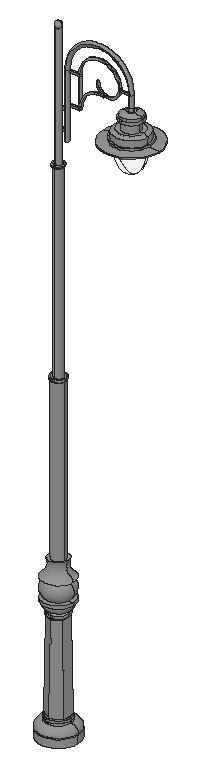
Revit family "svetilnik_alfresco_elegant-1-8_i_1-10", category Lighting Fixtures, Revit 2016 (continued)
Definition of nested family "Элегант"
  Parameters (values of type "Элегант 100Вт")
      5 146.415 115.74 91.56 67.38 48.315 29.25 \r\n22.065 14.895\r\n21.00 30.255 39.525 60.84 82.155 110.625 139.11 178.635 218.145 312.30 406.455 512.19 617.94 698.22 778.50 776.145 773.775 747.915 722.04 723.825 725.61 749.805 774.00 684.045 594.105 479.025 363.96 270.33 176.70 146.655 116.61 92.055 67.515 48.33 29.145 \r\n22.035 14.925\r\n21.15 30.39 39.63 61.065 82.50 111.165 139.845 181.95 224.04 311.175 398.31 519.60 640.905 721.035 801.165 821.565 841.965 876.42 910.875 895.545 880.215 835.395 790.575 715.86 641.16 498.855 356.55 267.69 178.815 147.57 116.31 92.01 67.725 48.42 29.13 \r\n22.08 15.045\r\n21.42 30.555 39.705 61.23 82.77 112.035 141.30 180.405 219.525 308.10 396.69 545.865 695.055 763.62 832.185 835.695 839.205 904.275 969.36 934.755 900.165 855.825 811.50 722.55 633.60 496.965 360.315 269.175 178.035 147.48 116.925 92.37 67.815 48.48 \r\n29.145 22.20 15.24\r\n21.675 30.705 39.72 61.41 83.115 112.17 141.225 179.235 217.245 316.635 416.01 557.43 698.85 803.385 907.92 898.23 888.555 905.505 922.47 915.555 908.655 897.885 887.13 757.77 628.41 506.895 385.38 280.515 175.65 145.755 115.875 91.95 68.025 48.60 29.19 \r\n22.335 15.495\r\n21.93 30.84 39.75 61.335 82.935 111.21 139.485 178.77 218.07 322.605 427.14 560.52 693.90 794.835 895.785 967.11 1038.4351 1094.415 1150.395 1106.325 1062.24 982.83 903.42 768.705 633.99 508.545 383.10 278.16 173.235 144.015 114.81 91.29 67.755 48.555 \r\n29.34 22.515 15.705\r\n22.20 31.005 39.825 60.93 82.035 109.86 137.67 178.575 219.465 320.145 420.825 570.105 719.40 829.17 938.94 998.85 1058.745 1107.15 1155.5551 1121.25 1086.9301 1007.34 927.765 798.45 669.135 507.57 346.005 258.135 170.265 141.555 112.83 89.88 66.93 48.225\r\n 29.505 22.725 15.945\r\n22.365 31.125 39.87 60.405 80.955 109.455 137.94 177.135 216.33 308.505 400.665 574.65 748.62 855.915 963.21 1032.63 1102.05 1151.16 1200.27 1170.78 1141.3051 1044.825 948.345 811.89 675.42 512.805 350.19 258.885 167.595 139.395 111.21 88.695 66.18 47.955\r\n 29.73 22.95 16.17\r\n22.50 31.23 39.945 60.06 80.16 109.455 138.75 177.255 215.76 312.675 409.59 584.61 759.63 882.51 1005.39 1061.88 1118.37 1155.99 1193.625 1169.5649 1145.505 1071.00 996.51 837.99 679.47 520.59 361.71 263.415 165.105 138.06 111.015 88.32 65.64 47.775 29.91\r\n 23.19 16.455\r\n22.62 31.32 40.035 59.82 79.59 108.435 137.265 178.485 219.69 325.245 430.80 596.355 761.91 910.23 1058.55 1124.01 1189.455 1231.005 1272.5551 1237.755 1202.97 1110.12 1017.285 863.85 710.43 542.355 374.295 268.98 163.68 136.635 109.605 87.405 65.205 \r\n47.64 30.075 23.37 16.68\r\n22.71 31.32 39.93 59.535 79.125 107.895 136.665 178.26 219.855 327.645 435.45 622.125 808.815 929.49 1050.1801 1133.205 1216.245 1242.615 1268.985 1250.955 1232.925 1129.3051 1025.6851 879.84 733.995 546.105 358.20 259.215 160.215 134.325 108.42 86.52 \r\n64.62 47.265 29.91 23.385 16.86\r\n22.755 31.245 39.735 59.04 78.345 107.145 135.96 177.00 218.025 325.725 433.41 635.01 836.595 951.855 1067.115 1153.41 1239.705 1268.985 1298.28 1277.25 1256.235 1178.8199 1101.42 930.375 759.33 558.84 358.365 257.175 156.00 131.325 106.665 85.215 63.78 \r\n46.725 29.67 23.325 16.98\r\n22.83 31.185 39.555 58.80 78.06 107.28 136.50 177.30 218.10 327.855 437.595 644.04 850.485 1004.16 1157.835 1217.4301 1277.01 1306.59 1336.155 1313.9399 1291.725 1213.005 1134.30 957.87 781.425 572.22 363.00 258.735 154.455 130.245 106.05 84.435 62.82 \r\n46.20 29.565 23.37 17.16\r\n22.935 31.185 39.45 58.485 77.505 107.34 137.16 179.76 222.36 332.295 442.245 663.795 885.36 1031.4301 1177.50 1250.025 1322.5649 1338.1949 1353.825 1330.365 1306.89 1229.775 1152.645 960.045 767.46 566.88 366.30 260.025 153.765 129.285 104.79 83.52 \r\n62.235 45.945 29.64 23.49 17.325\r\n23.025 31.185 39.33 58.32 77.325 106.425 135.54 180.69 225.84 339.105 452.355 669.24 886.125 1043.76 1201.395 1283.64 1365.87 1387.455 1409.0551 1386.48 1363.905 1264.725 1165.53 990.09 814.635 596.745 378.87 265.245 151.635 127.05 102.48 82.05 61.62 \r\n45.615 29.625 23.565 17.505\r\n23.13 31.185 39.225 57.945 76.65 106.005 135.36 181.545 227.73 347.94 468.165 693.465 918.765 1066.89 1215.015 1316.49 1417.95 1424.925 1431.90 1422.825 1413.75 1323.00 1232.265 1031.6851 831.105 601.74 372.375 261.00 149.625 124.905 100.185 80.745 61.29 \r\n45.405 29.535 23.61 17.67\r\n23.325 31.14 38.955 57.60 76.26 106.65 137.04 183.69 230.355 348.225 466.11 709.74 953.37 1110.285 1267.215 1348.875 1430.55 1449.045 1467.5551 1446.915 1426.275 1352.73 1279.17 1067.955 856.725 620.415 384.09 267.975 151.86 126.015 100.185 80.31 60.435 \r\n44.985 29.535 23.715 17.895\r\n23.55 31.14 38.715 57.09 75.465 106.80 138.15 185.265 232.395 361.815 491.235 741.495 991.77 1160.55 1329.3149 1420.89 1512.48 1512.54 1512.60 1494.375 1476.165 1397.88 1319.58 1114.59 909.585 653.985 398.385 273.795 149.205 123.72 98.25 78.855 59.46 \r\n44.415 29.37 23.745 18.105\r\n23.685 31.17 38.655 57.075 75.495 107.58 139.68 187.155 234.645 367.17 499.68 765.015 1030.35 1197.63 1364.895 1444.725 1524.5551 1528.365 1532.1899 1523.37 1514.55 1426.11 1337.67 1135.65 933.615 671.46 409.29 278.145 147.015 122.205 97.41 78.195 58.965 \r\n44.13 29.28 23.79 18.315\r\n23.76 31.14 38.52 57.015 75.525 107.46 139.41 190.50 241.59 378.195 514.80 776.055 1037.325 1212.9449 1388.5649 1492.9351 1597.3199 1584.72 1572.135 1569.21 1566.30 1474.29 1382.295 1171.515 960.735 688.11 415.47 282.42 149.385 122.235 95.10 76.77 58.425 \r\n43.665 28.905 23.655 18.42\r\n23.88 31.14 38.40 56.79 75.165 107.73 140.295 193.65 246.99 387.15 527.31 801.915 1076.52 1267.395 1458.285 1538.67 1619.0551 1630.515 1641.975 1623.075 1604.175 1521.51 1438.86 1233.90 1028.9399 722.49 416.025 282.405 148.80 120.915 93.015 75.435 57.855 \r\n43.305 28.74 23.67 18.60\r\n24.00 31.065 38.13 56.625 75.135 108.165 141.195 195.90 250.59 395.505 540.42 838.125 1135.83 1327.095 1518.375 1594.005 1669.635 1668.9449 1668.255 1659.75 1651.26 1581.09 1510.9351 1277.37 1043.8199 739.785 435.75 292.185 148.605 120.345 92.085 74.46 \r\n56.835 42.66 28.50 23.64 18.78\r\n24.045 30.72 37.395 56.535 75.66 109.455 143.25 199.455 255.66 406.575 557.49 856.305 1155.105 1375.215 1595.34 1666.995 1738.65 1734.735 1730.8051 1726.425 1722.03 1638.0601 1554.075 1313.265 1072.47 757.56 442.65 295.53 148.425 119.205 90.00 73.26 56.52\r\n 42.36 28.185 23.565 18.945\r\n23.85 30.63 37.395 56.73 76.065 111.27 146.49 205.305 264.135 416.565 568.995 879.03 1189.05 1417.455 1645.86 1732.005 1818.135 1806.9301 1795.725 1803.75 1811.76 1718.5649 1625.37 1349.745 1074.12 770.145 466.155 308.565 150.96 120.495 90.03 72.96 55.89 \r\n42.015 28.125 23.64 19.17\r\n23.97 30.75 37.545 57.30 77.055 113.85 150.645 210.93 271.20 425.355 579.495 898.125 1216.755 1449.675 1682.58 1785.765 1888.95 1879.6801 1870.425 1851.855 1833.285 1752.42 1671.5699 1411.755 1151.955 810.90 469.86 310.56 151.275 120.105 88.935 72.36 \r\n55.785 41.865 27.945 23.70 19.455\r\n24.135 30.885 37.635 57.885 78.12 116.115 154.11 216.00 277.89 422.49 567.075 933.345 1299.63 1514.1899 1728.735 1831.335 1933.92 1948.92 1963.92 1948.3051 1932.705 1836.975 1741.245 1472.55 1203.855 822.255 440.64 295.71 150.78 120.12 89.475 72.465 \r\n55.455 41.55 27.63 23.61 19.59\r\n24.465 31.455 38.43 58.89 79.35 118.995 158.625 222.345 286.08 426.99 567.90 952.485 1337.0699 1584.015 1830.975 1913.265 1995.5551 2002.92 2010.285 1986.975 1963.65 1868.52 1773.39 1494.45 1215.51 831.87 448.215 299.955 151.695 120.765 89.82 72.51 55.20 \r\n41.355 27.525 23.73 19.935\r\n25.20 32.175 39.15 59.97 80.79 121.965 163.125 229.11 295.095 450.66 606.24 981.00 1355.775 1637.205 1918.635 1980.48 2042.34 2062.6499 2082.96 2056.02 2029.095 1924.755 1820.415 1541.385 1262.37 869.295 476.205 316.425 156.63 124.365 92.10 73.89 55.665 \r\n41.70 27.735 23.955 20.16\r\n25.59 32.73 39.885 61.635 83.40 126.435 169.455 238.005 306.54 466.83 627.105 981.81 1336.53 1679.325 2022.105 2079.5249 2136.9299 2137.9951 2139.075 2120.9551 2102.835 2024.49 1946.145 1605.615 1265.085 878.85 492.615 327.975 163.32 128.25 93.195 75.105 \r\n57.015 42.585 28.155 24.36 20.55\r\n26.205 33.54 40.89 64.005 87.135 131.385 175.65 248.01 320.385 486.165 651.96 984.45 1316.9399 1698.615 2080.29 2156.3701 2232.45 2233.74 2235.0449 2218.4399 2201.835 2110.6951 2019.54 1625.37 1231.20 865.395 499.59 334.665 169.755 132.18 94.605 76.485 \r\n58.365 43.605 28.845 24.975 21.12\r\n26.925 34.65 42.36 66.36 90.375 136.11 181.845 256.485 331.14 500.19 669.255 1017.96 1366.6801 1760.73 2154.7649 2235.3301 2315.895 2329.3049 2342.7151 2301.6001 2260.50 2171.6399 2082.7949 1637.625 1192.455 859.875 527.295 352.065 176.85 136.545 96.24 \r\n77.76 59.28 44.625 29.97 25.86 21.765\r\n27.84 35.91 43.995 69.39 94.77 142.35 189.93 268.80 347.67 535.395 723.12 1060.80 1398.465 1770.60 2142.7351 2269.365 2395.98 2388.855 2381.73 2362.8899 2344.05 2192.0249 2040.00 1636.47 1232.955 897.27 561.585 375.24 188.88 144.03 99.195 79.74 60.30 \r\n45.39 30.495 26.43 22.38\r\n28.845 37.41 45.96 72.375 98.775 148.515 198.255 279.84 361.425 563.985 766.545 1106.145 1445.73 1778.625 2111.52 2268.27 2425.02 2443.50 2461.98 2408.97 2355.9451 2177.835 1999.74 1631.1899 1262.64 930.39 598.14 399.195 200.25 150.555 100.86 81.075 \r\n61.305 46.245 31.185 27.09 23.01\r\n29.91 38.865 47.82 76.05 104.265 155.31 206.355 290.325 374.31 581.97 789.63 1139.10 1488.5699 1801.05 2113.5449 2256.0601 2398.575 2416.7251 2434.875 2368.875 2302.875 2139.0149 1975.155 1659.135 1343.115 978.24 613.35 413.145 212.94 157.395 101.85 \r\n82.155 62.445 47.205 31.965 27.765 23.55\r\n31.11 40.50 49.89 79.83 109.785 163.575 217.365 301.44 385.515 606.345 827.175 1206.8101 1586.4449 1884.585 2182.71 2269.0349 2355.3601 2366.8501 2378.355 2314.7849 2251.2151 2116.365 1981.50 1673.265 1365.015 1000.38 635.745 428.94 222.15 163.725 105.30 \r\n84.75 64.185 48.48 32.76 28.50 24.255\r\n32.43 42.375 52.32 83.865 115.41 172.845 230.28 312.39 394.50 622.815 851.115 1230.96 1610.8051 1936.08 2261.3401 2310.99 2360.6399 2360.55 2360.46 2320.6499 2280.8401 2168.04 2055.2251 1728.51 1401.795 1036.845 671.88 447.15 222.405 166.065 109.725 \r\n87.855 66.00 49.785 33.555 29.19 24.825\r\n33.99 44.475 54.96 88.65 122.34 182.37 242.415 321.285 400.155 638.97 877.785 1249.245 1620.705 1960.53 2300.3701 2375.49 2450.6101 2399.895 2349.1799 2326.23 2303.28 2189.4451 2075.595 1758.675 1441.755 1061.55 681.345 449.97 218.61 166.215 113.82 90.21 \r\n66.585 50.655 34.71 30.24 25.755\r\n35.745 46.68 57.615 93.60 129.585 192.105 254.61 330.45 406.29 641.70 877.095 1271.625 1666.14 1995.135 2324.1299 2385.3149 2446.50 2452.9199 2459.3401 2422.905 2386.47 2244.54 2102.595 1782.255 1461.90 1072.20 682.485 447.93 213.36 165.81 118.26 92.505 \r\n66.735 51.015 35.295 31.125 26.94\r\n37.575 49.38 61.17 99.375 137.58 201.51 265.455 339.405 413.355 638.835 864.30 1263.015 1661.73 2003.3101 2344.8899 2419.3799 2493.8701 2475.375 2456.8799 2421.675 2386.47 2264.70 2142.915 1802.5649 1462.215 1075.29 688.365 447.825 207.285 164.355 121.44 \r\n95.04 68.655 52.515 36.375 32.025 27.66\r\n39.825 52.425 65.025 105.51 145.98 212.34 278.685 348.75 418.83 630.03 841.23 1239.90 1638.585 1987.3051 2336.0249 2427.99 2519.9399 2510.04 2500.1399 2454.9751 2409.825 2258.1001 2106.375 1765.995 1425.63 1051.6949 677.775 437.895 198.015 160.95 123.87 \r\n97.17 70.47 54.06 37.635 33.21 28.785\r\n42.03 56.01 69.99 112.455 154.905 221.805 288.705 355.35 421.995 603.075 784.155 1196.145 1608.15 1931.46 2254.7849 2358.135 2461.50 2465.01 2468.52 2419.29 2370.0449 2223.3899 2076.7351 1741.905 1407.0601 1019.88 632.70 410.685 188.685 157.395 126.105 \r\n99.615 73.125 56.67 40.215 35.175 30.135\r\n44.49 60.12 75.735 118.965 162.195 230.94 299.685 363.765 427.83 572.355 716.865 1130.01 1543.14 1864.53 2185.9199 2294.355 2402.7749 2422.5149 2442.24 2368.5149 2294.79 2153.595 2012.415 1674.075 1335.735 956.70 577.665 381.36 185.07 155.745 126.405 \r\n100.17 73.95 58.65 43.365 37.53 31.71\r\n47.625 64.50 81.375 126.18 170.97 240.39 309.81 370.29 430.77 534.975 639.18 1042.875 1446.585 1750.98 2055.375 2176.845 2298.3149 2316.21 2334.1201 2257.155 2180.1899 2049.825 1919.46 1582.605 1245.75 860.25 474.75 330.255 185.76 157.56 129.345 103.185 \r\n77.025 61.935 46.86 40.035 33.225\r\n51.075 69.165 87.27 132.885 178.50 246.66 314.835 375.72 436.62 508.035 579.435 926.835 1274.25 1586.085 1897.92 2008.05 2118.1951 2140.0049 2161.8301 2098.4399 2035.035 1896.885 1758.735 1429.455 1100.175 736.365 372.57 280.065 187.56 158.40 129.24 \r\n104.40 79.56 65.10 50.64 42.87 35.085\r\n54.585 74.01 93.45 138.525 183.615 250.935 318.27 376.65 435.03 490.215 545.385 791.94 1038.48 1359.27 1680.0601 1781.10 1882.155 1920.495 1958.835 1870.74 1782.66 1658.415 1534.1851 1229.475 924.765 620.445 316.11 252.48 188.85 160.32 131.775 106.245 \r\n80.70 66.795 52.875 44.835 36.795\r\n58.125 78.855 99.585 145.47 191.355 257.37 323.40 377.145 430.875 480.00 529.125 655.275 781.44 1089.1801 1396.92 1494.135 1591.35 1619.235 1647.105 1573.35 1499.58 1387.02 1274.46 966.285 658.095 465.045 271.98 229.425 186.87 159.225 131.58 106.575 81.57\r\n 68.79 55.995 47.55 39.09\r\n62.985 84.60 106.215 151.50 196.785 260.43 324.06 374.94 425.805 469.245 512.67 578.43 644.175 853.845 1063.515 1175.91 1288.3199 1293.585 1298.85 1240.005 1181.175 1078.995 976.83 720.315 463.80 357.855 251.895 220.20 188.52 161.91 135.315 111.18 87.045 \r\n74.04 61.02 51.345 41.67\r\n68.76 91.62 114.465 157.65 200.835 260.565 320.31 370.455 420.585 458.415 496.245 536.01 575.79 661.485 747.195 841.935 936.675 953.895 971.115 917.775 864.435 820.995 777.555 574.605 371.655 308.70 245.745 217.965 190.185 162.705 135.225 113.07 90.915 \r\n78.36 65.805 55.815 45.825\r\n75.855 98.76 121.68 161.58 201.48 256.80 312.105 360.51 408.915 444.72 480.51 509.76 539.01 572.715 606.435 635.265 664.11 659.85 655.605 619.275 582.96 580.62 578.28 449.415 320.535 281.67 242.79 215.52 188.25 161.385 134.505 114.165 93.81 82.755 71.685 \r\n61.20 50.70\r\n83.16 104.475 125.805 164.07 202.335 252.405 302.475 347.64 392.79 425.955 459.105 482.505 505.89 524.085 542.295 534.75 527.205 531.69 536.175 493.425 450.675 415.35 380.01 338.25 296.475 268.995 241.515 215.37 189.225 161.79 134.355 116.625 98.895 \r\n86.835 74.775 65.445 56.13\r\n89.955 111.615 133.275 168.195 203.115 246.36 289.605 332.715 375.825 406.47 437.10 455.13 473.16 475.785 478.395 466.32 454.23 435.75 417.285 407.085 396.90 371.895 346.89 319.29 291.69 266.22 240.75 215.295 189.84 162.645 135.45 120.585 105.72 93.33 \r\n80.925 71.28 61.62\r\n96.495 118.29 140.07 170.97 201.855 240.495 279.135 315.27 351.42 381.015 410.61 426.045 441.48 441.705 441.915 422.775 403.635 392.73 381.825 374.10 366.375 350.445 334.50 309.375 284.25 261.90 239.535 214.125 188.70 164.535 140.385 126.33 112.26 100.47 \r\n88.665 78.555 68.43\r\n106.215 126.885 147.555 173.235 198.915 232.095 265.275 296.085 326.895 355.215 383.55 396.255 408.975 407.64 406.305 393.075 379.83 370.395 360.96 358.185 355.41 342.435 329.475 306.39 283.305 260.61 237.93 212.715 187.485 164.745 141.99 128.895 115.785 \r\n105.69 95.595 85.155 74.715\r\n111.24 133.53 155.835 176.97 198.12 225.09 252.075 275.91 299.745 328.035 356.31 366.975 377.64 378.765 379.905 369.81 359.73 353.82 347.91 345.33 342.765 335.61 328.44 303.075 277.695 257.85 238.02 208.65 179.295 162.105 144.90 133.605 122.295 111.93 \r\n101.55 91.80 82.05\r\n119.895 139.11 158.325 178.80 199.29 220.305 241.335 259.215 277.08 303.60 330.105 339.54 348.975 354.51 360.045 352.965 345.885 342.705 339.525 336.72 333.915 326.925 319.92 298.245 276.57 254.31 232.035 204.795 177.54 163.125 148.695 137.445 126.195 \r\n117.36 108.525 98.01 87.48\r\n122.58 142.755 162.93 181.71 200.475 217.845 235.20 249.615 264.015 285.42 306.825 319.035 331.245 337.17 343.095 338.79 334.47 333.015 331.545 329.115 326.67 319.59 312.495 296.49 280.50 252.45 224.415 200.835 177.24 163.245 149.25 142.11 134.97 124.755 \r\n114.54 104.82 95.115\r\n122.58 144.375 166.185 182.805 199.425 214.53 229.65 243.24 256.83 268.65 280.455 296.61 312.765 320.775 328.80 328.335 327.87 325.32 322.755 320.235 317.70 311.175 304.635 291.84 279.045 246.27 213.495 198.27 183.06 170.895 158.73 150.27 141.81 132.225 \r\n122.64 111.78 100.92\r\n130.05 148.86 167.67 183.525 199.395 213.12 226.8
      6 239.31 251.775 257.955 264.15 281.55 298.965 305.76 312.555 313.305 314.04 313.125 312.21 310.14 308.055 300.855 293.67 276.63 259.605 237.12 214.62 197.955 181.29 171.225 161.145 154.155 147.15 138.18 \r\n129.21 118.35 107.475\r\n136.425 154.32 172.23 188.385 204.54 216.18 227.82 235.68 243.555 253.005 262.455 271.095 279.735 286.68 293.61 295.725 297.84 297.30 296.76 294.24 291.72 284.49 277.26 263.49 249.72 235.035 220.35 204.42 188.505 176.88 165.255 157.005 148.77 142.575 \r\n136.38 124.635 112.905\r\n141.12 159.495 177.855 191.04 204.225 214.065 223.89 233.58 243.27 251.565 259.86 265.005 270.15 273.585 277.02 278.025 279.045 277.80 276.555 274.785 273.015 267.735 262.44 251.13 239.82 228.33 216.84 207.30 197.745 185.40 173.04 163.50 153.96 145.11 \r\n136.245 124.575 112.92\r\n148.695 166.005 183.315 197.07 210.84 222.765 234.69 242.43 250.17 251.625 253.095 255.075 257.07 261.39 265.71 263.43 261.15 260.82 260.49 259.245 258.00 256.23 254.46 245.055 235.65 226.11 216.57 207.915 199.26 192.075 184.875 175.14 165.42 155.595 \r\n145.785 133.47 121.14\r\n156.675 174.795 192.93 206.355 219.765 228.735 237.705 240.99 244.275 243.33 242.385 245.52 248.655 250.65 252.645 252.495 252.345 253.26 254.16 252.15 250.125 247.44 244.77 237.24 229.725 218.655 207.585 202.53 197.475 192.615 187.755 179.055 170.355 \r\n162.015 153.675 140.46 127.23\r\n158.055 174.81 191.565 204.015 216.465 222.33 228.21 234.87 241.545 240.255 238.965 238.50 238.05 242.205 246.345 244.95 243.555 243.255 242.955 242.625 242.28 238.95 235.605 226.65 217.695 211.365 205.035 200.91 196.785 190.095 183.39 176.40 169.41 \r\n161.385 153.36 140.925 128.475\r\n154.935 170.88 186.84 197.52 208.185 214.98 221.775 225.75 229.71 230.355 231.00 229.11 227.22 229.20 231.18 231.165 231.135 230.67 230.205 230.46 230.715 227.625 224.55 218.13 211.725 206.865 202.005 196.65 191.28 185.55 179.82 172.995 166.17 158.535 \r\n150.915 136.83 122.745\r\n138.525 151.80 165.075 178.515 191.955 202.065 212.175 214.83 217.50 218.88 220.26 221.565 222.87 222.90 222.945 223.605 224.265 222.93 221.595 221.025 220.47 217.68 214.89 209.73 204.555 199.26 193.965 190.185 186.405 181.995 177.585 170.355 163.125 \r\n152.955 142.77 128.13 113.49\r\n124.695 135.165 145.65 156.255 166.86 177.735 188.625 194.85 201.075 205.32 209.58 209.49 209.385 210.63 211.86 211.905 211.95 211.035 210.12 207.885 205.635 204.63 203.61 197.595 191.565 189.825 188.085 184.125 180.165 175.305 170.43 162.12 153.795 \r\n139.89 125.97 111.405 96.84\r\n106.965 118.095 129.225 136.29 143.34 151.62 159.885 165.12 170.34 178.80 187.245 192.66 198.075 198.00 197.91 199.53 201.135 200.775 200.415 197.745 195.06 191.91 188.76 186.00 183.255 180.375 177.51 174.945 172.365 161.805 151.23 140.565 129.90 116.67 \r\n103.425 92.73 82.035\r\n87.645 96.30 104.97 110.235 115.50 122.22 128.94 134.52 140.115 145.92 151.74 156.825 161.91 171.525 181.125 184.23 187.32 186.51 185.715 183.105 180.495 177.33 174.165 169.845 165.51 159.48 153.45 147.075 140.715 131.43 122.145 111.795 101.46 91.41 \r\n81.375 74.64 67.92\r\n74.625 79.275 83.925 86.895 89.85 94.11 98.355 99.66 100.965 104.295 107.625 109.425 111.21 116.355 121.50 125.28 129.075 131.04 133.005 132.075 131.13 128.025 124.92 121.155 117.405 114.42 111.45 104.775 98.085 93.825 89.565 83.04 76.50 71.985 67.47 \r\n62.55 57.63\r\n67.65 65.43 63.195 65.355 67.515 68.55 69.57 69.66 69.75 69.825 69.90 70.11 70.32 70.62 70.92 70.77 70.605 71.31 72.015 71.835 71.64 71.895 72.15 72.405 72.675 72.105 71.52 70.785 70.035 68.385 66.735 66.945 67.14 66.39 65.625 64.83 64.02\r\n"
    built-in parameter 1150133 = 10 (stored number, unit not read)
    Wattage = 80.7853 W
    built-in parameter 1150139 = (empty or 0)
    built-in parameter 1150138 = (empty or 0)
    built-in parameter 1150107 = 4000 (stored number, unit not read)
    built-in parameter 1150102 = (empty or 0)
    Assembly Code = "﻿﻿                                                                                ﻿       ​﻿       ﻿﻿          ﻿    ​           ​                       ﻿ ﻿﻿"
